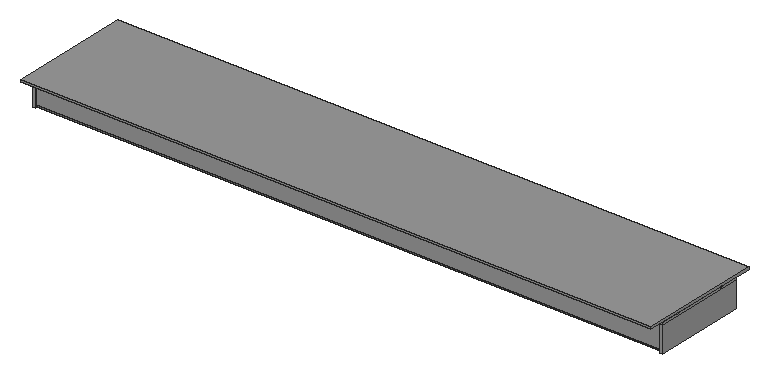
Revit family "Berica 2.2 M", category Lighting Fixtures, Revit 2020 (continued)
Definition of nested family "Light Source Berica 2.2"
  Types (4, lengths in mm): name | Photometric Web File | built-in parameter 1150142
      44.00 134.81 127.69 \r\n119.46 112.45 105.83 99.40 95.04 91.26 88.75 87.87 88.75 \r\n91.26 95.04 99.40 105.83 112.45 119.46 127.69 134.81 \r\n144.00 151.64 160.64 170.00 179.30 189.88 200.35 211.11 \r\n222.94 234.51 246.21 259.39 270.96 284.65 297.87 311.40 \r\n324.82 338.51 353.88 368.58 383.39 398.96 415.10 433.00 \r\n448.95 467.33 485.06 504.17 524.90 546.36 568.11 591.62 \r\n615.57 641.47 667.55 695.36 725.88 754.75 786.09 821.66 \r\n854.41 889.13 927.53 962.84 1001.72 1042.71 1078.86 \r\n1122.20 1157.97 1201.54 1236.95 1273.90 1312.03 1348.69 \r\n1383.55 1416.02 1450.01 1481.39 1513.12 1540.69 1570.18 \r\n1595.38 1619.69 1642.78 1665.38 1685.63 1704.07 1720.60 \r\n1734.06 1747.44 1757.90 1768.13 1774.83 1781.46 1787.34 \r\n1791.72 1795.25 1797.24 1798.85 1798.62 1796.12 \r\n1796.12 1797.82 1798.04 1796.44 1794.48 1789.90 1784.20 \r\n1778.01 1770.86 1760.68 1748.66 1735.06 1720.35 1702.42 \r\n1681.78 1659.40 1637.02 1610.20 1583.31 1552.29 1521.85 \r\n1490.60 1454.96 1421.53 1385.22 1346.51 1308.29 1271.37 \r\n1228.29 1188.31 1148.96 1108.98 1070.49 1026.11 988.44 \r\n952.34 912.02 876.83 842.95 807.58 777.79 744.32 717.45 \r\n690.24 663.65 639.46 616.89 594.24 573.10 553.61 534.94 \r\n517.41 498.83 482.33 467.09 451.22 436.68 421.55 406.81 \r\n393.50 379.27 366.41 352.11 339.28 326.72 314.55 300.69 \r\n289.50 276.35 264.57 252.97 240.80 230.27 219.80 209.72 \r\n200.39 191.06 182.51 173.64 165.36 158.07 150.66 143.20 \r\n136.33 130.36 123.78 118.84 114.56 111.82 109.32 108.73 \r\n109.32 111.82 114.56 118.84 123.78 130.36 136.33 143.20 \r\n150.66 158.07 165.36 173.64 182.51 191.06 200.39 209.72 \r\n219.80 230.27 240.80 252.97 264.57 276.35 289.50 300.69 \r\n314.55 326.72 339.28 352.11 366.41 379.27 393.50 406.81 \r\n421.55 436.68 451.22 467.09 482.33 498.83 517.41 534.94 \r\n553.61 573.10 594.24 616.89 639.46 663.65 690.24 717.45 \r\n744.32 777.79 807.58 842.95 876.83 912.02 952.34 988.44 \r\n1026.11 1070.49 1108.98 1148.96 1188.31 1228.29 1271.37 \r\n1308.29 1346.51 1385.22 1421.53 1454.96 1490.60 1521.85 \r\n1552.29 1583.31 1610.20 1637.02 1659.40 1681.78 1702.42 \r\n1720.35 1735.06 1748.66 1760.68 1770.86 1778.01 1784.20 \r\n1789.90 1794.48 1796.44 1798.04 1797.82 1796.12 \r\n1796.12 1798.30 1798.52 1797.44 1793.59 1789.14 1783.46 \r\n1775.60 1766.19 1752.48 1738.49 1722.19 1702.79 1681.23 \r\n1657.74 1631.53 1604.12 1574.01 1542.22 1509.27 1472.76 \r\n1436.51 1399.06 1356.45 1316.14 1274.62 1233.87 1188.74 \r\n1146.73 1102.93 1065.75 1022.42 983.89 945.14 906.12 \r\n869.02 834.65 800.54 769.95 742.24 713.35 687.32 662.17 \r\n640.49 618.23 598.41 579.15 561.41 545.02 528.31 513.09 \r\n497.69 483.84 469.31 455.73 441.99 429.39 416.25 404.26 \r\n390.90 378.43 366.37 353.49 341.21 329.41 317.65 306.43 \r\n293.58 282.61 270.77 260.06 249.96 240.06 230.89 221.32 \r\n213.16 203.82 196.16 188.34 180.47 173.73 165.85 159.81 \r\n153.48 147.87 142.92 138.45 135.07 131.62 129.70 128.71 \r\n129.70 131.62 135.07 138.45 142.92 147.87 153.48 159.81 \r\n165.85 173.73 180.47 188.34 196.16 203.82 213.16 221.32 \r\n230.89 240.06 249.96 260.06 270.77 282.61 293.58 306.43 \r\n317.65 329.41 341.21 353.49 366.37 378.43 390.90 404.26 \r\n416.25 429.39 441.99 455.73 469.31 483.84 497.69 513.09 \r\n528.31 545.02 561.41 579.15 598.41 618.23 640.49 662.17 \r\n687.32 713.35 742.24 769.95 800.54 834.65 869.02 906.12 \r\n945.14 983.89 1022.42 1065.75 1102.93 1146.73 1188.74 \r\n1233.87 1274.62 1316.14 1356.45 1399.06 1436.51 1472.76 \r\n1509.27 1542.22 1574.01 1604.12 1631.53 1657.74 1681.23 \r\n1702.79 1722.19 1738.49 1752.48 1766.19 1775.60 1783.46 \r\n1789.14 1793.59 1797.44 1798.52 1798.30 1796.12 \r\n1796.12 1798.52 1798.62 1796.07 1792.52 1787.80 1781.22 \r\n1770.85 1758.08 1743.63 1725.63 1704.63 1682.56 1656.89 \r\n1629.48 1600.00 1568.44 1532.35 1498.25 1460.37 1419.06 \r\n1377.20 1337.19 1292.71 1247.16 1202.81 1156.93 1115.68 \r\n1067.41 1026.24 986.00 945.16 907.06 869.96 834.71 801.99 \r\n770.10 739.84 713.56 686.84 664.16 643.63 622.93 603.50 \r\n585.39 568.46 553.50 539.52 525.13 511.10 497.59 485.57 \r\n473.19 460.00 448.80 436.74 425.12 414.02 402.60 390.72 \r\n379.41 366.97 355.51 344.07 331.95 321.93 310.11 299.70 \r\n289.50 279.42 269.73 261.06 252.37 243.43 234.89 226.35 \r\n219.09 210.06 203.30 196.02 189.27 182.44 176.05 170.50 \r\n165.48 160.99 156.94 153.91 150.54 148.16 146.96 148.16 \r\n150.54 153.91 156.94 160.99 165.48 170.50 176.05 182.44 \r\n189.27 196.02 203.30 210.06 219.09 226.35 234.89 243.43 \r\n252.37 261.06 269.73 279.42 289.50 299.70 310.11 321.93 \r\n331.95 344.07 355.51 366.97 379.41 390.72 402.60 414.02 \r\n425.12 436.74 448.80 460.00 473.19 485.57 497.59 511.10 \r\n525.13 539.52 553.50 568.46 585.39 603.50 622.93 643.63 \r\n664.16 686.84 713.56 739.84 770.10 801.99 834.71 869.96 \r\n907.06 945.16 986.00 1026.24 1067.41 1115.68 1156.93 \r\n1202.81 1247.16 1292.71 1337.19 1377.20 1419.06 1460.37 \r\n1498.25 1532.35 1568.44 1600.00 1629.48 1656.89 1682.56 \r\n1704.63 1725.63 1743.63 1758.08 1770.85 1781.22 1787.80 \r\n1792.52 1796.07 1798.62 1798.52 1796.12 \r\n1796.12 1798.68 1798.49 1796.12 1791.58 1785.80 1777.25 \r\n1765.04 1750.82 1731.74 1711.92 1688.04 1662.75 1634.86 \r\n1603.82 1569.27 1531.16 1495.61 1452.39 1412.18 1365.68 \r\n1323.95 1277.13 1229.21 1182.00 1135.14 1087.12 1042.50 \r\n998.90 955.10 919.43 878.25 844.39 807.00 776.72 746.44 \r\n718.80 692.96 669.98 647.95 628.72 610.11 593.14 576.71 \r\n562.55 547.41 534.77 522.72 511.08 499.87 487.84 477.10 \r\n465.95 456.08 444.96 434.66 424.53 414.12 402.41 392.48 \r\n380.65 370.02 358.78 348.14 338.08 326.51 317.36 307.63 \r\n299.26 290.27 281.60 273.00 264.97 256.43 249.04 241.22 \r\n234.16 226.41 219.67 212.20 205.51 199.06 193.01 188.29 \r\n182.94 179.06 175.26 171.39 167.91 165.65 163.98 165.65 \r\n167.91 171.39 175.26 179.06 182.94 188.29 193.01 199.06 \r\n205.51 212.20 219.67 226.41 234.16 241.22 249.04 256.43 \r\n264.97 273.00 281.60 290.27 299.26 307.63 317.36 326.51 \r\n338.08 348.14 358.78 370.02 380.65 392.48 402.41 414.12 \r\n424.53 434.66 444.96 456.08 465.95 477.10 487.84 499.87 \r\n511.08 522.72 534.77 547.41 562.55 576.71 593.14 610.11 \r\n628.72 647.95 669.98 692.96 718.80 746.44 776.72 807.00 \r\n844.39 878.25 919.43 955.10 998.90 1042.50 1087.12 \r\n1135.14 1182.00 1229.21 1277.13 1323.95 1365.68 1412.18 \r\n1452.39 1495.61 1531.16 1569.27 1603.82 1634.86 1662.75 \r\n1688.04 1711.92 1731.74 1750.82 1765.04 1777.25 1785.80 \r\n1791.58 1796.12 1798.49 1798.68 1796.12 \r\n1796.12 1798.50 1797.50 1795.05 1790.68 1783.73 1773.05 \r\n1759.93 1741.65 1721.22 1696.84 1672.12 1641.57 1611.40 \r\n1573.88 1537.04 1499.78 1453.16 1410.52 1363.46 1316.51 \r\n1265.09 1221.66 1169.58 1120.94 1073.65 1024.78 983.55 \r\n935.70 896.81 859.82 823.19 790.32 760.55 728.74 704.88 \r\n679.35 657.67 637.02 618.09 602.55 586.36 571.79 557.70 \r\n545.07 532.46 522.70 510.89 501.48 491.81 482.18 472.28 \r\n463.23 453.26 444.11 434.46 424.40 414.74 403.33 394.04 \r\n383.30 373.08 363.33 353.35 343.77 335.51 326.64 318.75 \r\n310.77 302.11 294.22 286.49 279.40 271.71 264.17 257.08 \r\n249.48 242.62 235.48 228.92 222.60 216.37 210.88 205.05 \r\n200.95 196.24 192.78 188.77 184.86 182.70 181.02 182.70 \r\n184.86 188.77 192.78 196.24 200.95 205.05 210.88 216.37 \r\n222.60 228.92 235.48 242.62 249.48 257.08 264.17 271.71 \r\n279.40 286.49 294.22 302.11 310.77 318.75 326.64 335.51 \r\n343.77 353.35 363.33 373.08 383.30 394.04 403.33 414.74 \r\n424.40 434.46 444.11 453.26 463.23 472.28 482.18 491.81 \r\n501.48 510.89 522.70 532.46 545.07 557.70 571.79 586.36 \r\n602.55 618.09 637.02 657.67 679.35 704.88 728.74 760.55 \r\n790.32 823.19 859.82 896.81 935.70 983.55 1024.78 1073.65 \r\n1120.94 1169.58 1221.66 1265.09 1316.51 1363.46 1410.52 \r\n1453.16 1499.78 1537.04 1573.88 1611.40 1641.57 1672.12 \r\n1696.84 1721.22 1741.65 1759.93 1773.05 1783.73 1790.68 \r\n1795.05 1797.50 1798.50 1796.12 \r\n1796.12 1798.75 1797.82 1794.63 1789.41 1781.33 1768.87 \r\n1752.38 1733.45 1710.43 1683.10 1654.65 1621.44 1587.07 \r\n1549.90 1505.59 1462.51 1415.22 1367.70 1317.23 1268.06 \r\n1217.30 1167.82 1116.88 1067.01 1017.31 971.21 927.80 \r\n884.65 844.75 811.73 780.38 749.17 719.81 694.60 671.63 \r\n649.04 631.43 612.26 596.98 581.74 567.59 555.63 543.17 \r\n533.32 522.48 512.97 504.29 496.71 488.29 479.07 470.50 \r\n462.07 453.53 444.97 435.22 426.52 416.86 407.41 398.18 \r\n387.93 378.90 369.16 361.44 353.85 346.26 338.10 330.98 \r\n323.34 316.09 308.07 301.00 293.98 286.67 280.12 272.69 \r\n266.76 259.17 252.73 246.56 240.04 234.56 228.89 224.21 \r\n218.91 214.77 210.01 205.77 201.75 198.94 197.90 198.94 \r\n201.75 205.77 210.01 214.77 218.91 224.21 228.89 234.56 \r\n240.04 246.56 252.73 259.17 266.76 272.69 280.12 286.67 \r\n293.98 301.00 308.07 316.09 323.34 330.98 338.10 346.26 \r\n353.85 361.44 369.16 378.90 387.93 398.18 407.41 416.86 \r\n426.52 435.22 444.97 453.53 462.07 470.50 479.07 488.29 \r\n496.71 504.29 512.97 522.48 533.32 543.17 555.63 567.59 \r\n581.74 596.98 612.26 631.43 649.04 671.63 694.60 719.81 \r\n749.17 780.38 811.73 844.75 884.65 927.80 971.21 1017.31 \r\n1067.01 1116.88 1167.82 1217.30 1268.06 1317.23 1367.70 \r\n1415.22 1462.51 1505.59 1549.90 1587.07 1621.44 1654.65 \r\n1683.10 1710.43 1733.45 1752.38 1768.87 1781.33 1789.41 \r\n1794.63 1797.82 1798.75 1796.12 \r\n1796.12 1798.78 1797.82 1793.45 1788.12 1779.17 1764.88 \r\n1748.56 1725.11 1700.81 1672.90 1638.12 1603.81 1564.64 \r\n1520.63 1476.91 1429.16 1382.58 1328.87 1277.99 1224.27 \r\n1174.10 1120.55 1068.60 1019.32 969.99 926.54 882.80 \r\n842.91 804.45 775.50 744.36 717.17 689.89 668.80 647.26 \r\n628.00 610.60 593.85 580.17 567.00 554.78 543.71 533.58 \r\n524.15 516.43 510.10 502.49 493.87 486.39 478.34 470.96 \r\n464.34 456.19 447.70 438.95 429.97 421.01 412.95 403.63 \r\n395.35 386.66 379.49 372.05 365.33 358.08 351.48 343.41 \r\n337.02 329.70 323.04 316.63 309.46 303.06 295.96 289.55 \r\n283.11 276.43 270.61 264.09 258.53 252.71 247.03 242.02 \r\n237.85 232.18 227.84 222.29 217.26 214.54 213.04 214.54 \r\n217.26 222.29 227.84 232.18 237.85 242.02 247.03 252.71 \r\n258.53 264.09 270.61 276.43 283.11 289.55 295.96 303.06 \r\n309.46 316.63 323.04 329.70 337.02 343.41 351.48 358.08 \r\n365.33 372.05 379.49 386.66 395.35 403.63 412.95 421.01 \r\n429.97 438.95 447.70 456.19 464.34 470.96 478.34 486.39 \r\n493.87 502.49 510.10 516.43 524.15 533.58 543.71 554.78 \r\n567.00 580.17 593.85 610.60 628.00 647.26 668.80 689.89 \r\n717.17 744.36 775.50 804.45 842.91 882.80 926.54 969.99 \r\n1019.32 1068.60 1120.55 1174.10 1224.27 1277.99 1328.87 \r\n1382.58 1429.16 1476.91 1520.63 1564.64 1603.81 1638.12 \r\n1672.90 1700.81 1725.11 1748.56 1764.88 1779.17 1788.12 \r\n1793.45 1797.82 1798.78 1796.12 \r\n1796.12 1798.78 1796.95 1792.71 1787.28 1776.14 1761.93 \r\n1740.17 1716.45 1689.47 1659.42 1625.45 1584.56 1543.84 \r\n1501.01 1449.02 1399.52 1348.15 1294.14 1240.58 1187.43 \r\n1130.57 1080.80 1028.28 979.52 932.65 886.97 846.71 \r\n808.32 774.45 745.76 716.83 691.45 668.39 645.89 627.81 \r\n609.85 594.79 580.39 567.35 555.36 544.83 535.62 526.66 \r\n520.03 514.40 507.29 500.33 493.38 486.59 480.56 474.44 \r\n467.40 459.43 451.15 443.86 435.65 427.39 419.09 411.34 \r\n404.25 396.76 391.15 383.73 377.44 371.03 364.17 358.14 \r\n351.49 344.77 337.92 331.52 324.86 319.11 312.50 306.15 \r\n300.06 293.02 287.06 281.10 275.57 269.67 264.21 259.01 \r\n254.26 248.52 243.89 236.07 231.25 228.13 227.04 228.13 \r\n231.25 236.07 243.89 248.52 254.26 259.01 264.21 269.67 \r\n275.57 281.10 287.06 293.02 300.06 306.15 312.50 319.11 \r\n324.86 331.52 337.92 344.77 351.49 358.14 364.17 371.03 \r\n377.44 383.73 391.15 396.76 404.25 411.34 419.09 427.39 \r\n435.65 443.86 451.15 459.43 467.40 474.44 480.56 486.59 \r\n493.38 500.33 507.29 514.40 520.03 526.66 535.62 544.83 \r\n555.36 567.35 580.39 594.79 609.85 627.81 645.89 668.39 \r\n691.45 716.83 745.76 774.45 808.32 846.71 886.97 932.65 \r\n979.52 1028.28 1080.80 1130.57 1187.43 1240.58 1294.14 \r\n1348.15 1399.52 1449.02 1501.01 1543.84 1584.56 1625.45 \r\n1659.42 1689.47 1716.45 1740.17 1761.93 1776.14 1787.28 \r\n1792.71 1796.95 1798.78 1796.12 \r\n1796.12 1798.64 1796.33 1792.50 1785.40 1774.49 1757.10 \r\n1736.34 1711.17 1681.07 1648.80 1611.73 1573.20 1527.15 \r\n1476.11 1427.36 1376.93 1319.33 1264.51 1210.75 1154.39 \r\n1098.40 1050.01 995.75 947.69 900.63 858.14 817.68 781.95 \r\n750.40 722.16 695.32 672.83 650.57 630.28 612.75 597.57 \r\n582.87 570.32 559.06 548.01 539.40 529.76 524.91 519.11 \r\n512.94 506.07 500.12 494.62 489.94 484.55 478.39 471.48 \r\n463.96 456.95 449.06 442.09 434.66 427.46 420.08 414.44 \r\n408.57 402.46 396.09 390.21 384.91 377.75 371.81 365.18 \r\n359.36 352.59 346.67 340.42 334.44 327.63 321.59 314.89 \r\n308.29 302.47 296.35 290.56 284.83 279.33 273.60 268.29 \r\n262.05 255.74 248.70 242.15 239.62 238.57 239.62 242.15 \r\n248.70 255.74 262.05 268.29 273.60 279.33 284.83 290.56 \r\n296.35 302.47 308.29 314.89 321.59 327.63 334.44 340.42 \r\n346.67 352.59 359.36 365.18 371.81 377.75 384.91 390.21 \r\n396.09 402.46 408.57 414.44 420.08 427.46 434.66 442.09 \r\n449.06 456.95 463.96 471.48 478.39 484.55 489.94 494.62 \r\n500.12 506.07 512.94 519.11 524.91 529.76 539.40 548.01 \r\n559.06 570.32 582.87 597.57 612.75 630.28 650.57 672.83 \r\n695.32 722.16 750.40 781.95 817.68 858.14 900.63 947.69 \r\n995.75 1050.01 1098.40 1154.39 1210.75 1264.51 1319.33 \r\n1376.93 1427.36 1476.11 1527.15 1573.20 1611.73 1648.80 \r\n1681.07 1711.17 1736.34 1757.10 1774.49 1785.40 1792.50 \r\n1796.33 1798.64 1796.12 \r\n1796.12 1798.04 1796.12 1791.54 1784.25 1772.41 1753.94 \r\n1732.43 1705.31 1673.22 1639.20 1598.98 1556.60 1511.60 \r\n1462.35 1410.23 1356.13 1296.63 1241.38 1183.34 1130.38 \r\n1074.13 1021.64 971.49 920.08 876.08 834.71 797.41 760.99 \r\n732.06 705.88 681.47 657.93 637.84 618.86 601.90 587.67 \r\n573.99 561.95 551.72 541.89 533.97 528.03 523.23 517.00 \r\n511.64 507.19 502.40 498.07 493.77 488.23 481.50 475.23 \r\n468.26 461.68 454.75 447.81 440.94 434.89 428.74 424.07 \r\n418.40 412.70 407.29 401.14 395.81 389.53 383.81 377.99 \r\n372.02 365.37 360.09 353.29 347.34 340.17 334.15 327.58 \r\n320.92 315.30 309.26 303.06 297.02 291.62 284.98 279.78 \r\n273.02 265.99 257.33 250.84 247.79 247.73 247.79 250.84 \r\n257.33 265.99 273.02 279.78 284.98 291.62 297.02 303.06 \r\n309.26 315.30 320.92 327.58 334.15 340.17 347.34 353.29 \r\n360.09 365.37 372.02 377.99 383.81 389.53 395.81 401.14 \r\n407.29 412.70 418.40 424.07 428.74 434.89 440.94 447.81 \r\n454.75 461.68 468.26 475.23 481.50 488.23 493.77 498.07 \r\n502.40 507.19 511.64 517.00 523.23 528.03 533.97 541.89 \r\n551.72 561.95 573.99 587.67 601.90 618.86 637.84 657.93 \r\n681.47 705.88 732.06 760.99 797.41 834.71 876.08 920.08 \r\n971.49 1021.64 1074.13 1130.38 1183.34 1241.38 1296.63 \r\n1356.13 1410.23 1462.35 1511.60 1556.60 1598.98 1639.20 \r\n1673.22 1705.31 1732.43 1753.94 1772.41 1784.25 1791.54 \r\n1796.12 1798.04 1796.12 \r\n1796.12 1797.93 1795.47 1791.21 1783.34 1771.19 1752.76 \r\n1728.79 1701.02 1668.91 1631.77 1593.26 1548.11 1499.75 \r\n1447.50 1394.85 1337.87 1285.17 1225.44 1165.48 1112.48 \r\n1053.44 1002.04 949.40 904.45 857.65 817.77 783.52 749.06 \r\n718.22 693.69 670.28 647.91 626.93 609.85 594.68 579.69 \r\n567.27 556.11 546.37 537.37 530.67 525.96 520.95 516.54 \r\n512.26 507.90 503.99 500.69 496.07 490.75 485.17 478.42 \r\n472.08 465.56 459.63 453.33 446.58 441.21 436.52 430.93 \r\n426.32 420.72 415.67 410.17 404.40 399.61 393.75 387.50 \r\n382.02 375.78 369.57 363.59 356.97 350.86 344.20 337.79 \r\n331.73 324.91 318.55 311.95 306.19 300.25 294.71 287.59 \r\n281.33 273.17 263.84 257.15 254.48 253.94 254.48 257.15 \r\n263.84 273.17 281.33 287.59 294.71 300.25 306.19 311.95 \r\n318.55 324.91 331.73 337.79 344.20 350.86 356.97 363.59 \r\n369.57 375.78 382.02 387.50 393.75 399.61 404.40 410.17 \r\n415.67 420.72 426.32 430.93 436.52 441.21 446.58 453.33 \r\n459.63 465.56 472.08 478.42 485.17 490.75 496.07 500.69 \r\n503.99 507.90 512.26 516.54 520.95 525.96 530.67 537.37 \r\n546.37 556.11 567.27 579.69 594.68 609.85 626.93 647.91 \r\n670.28 693.69 718.22 749.06 783.52 817.77 857.65 904.45 \r\n949.40 1002.04 1053.44 1112.48 1165.48 1225.44 1285.17 \r\n1337.87 1394.85 1447.50 1499.75 1548.11 1593.26 1631.77 \r\n1668.91 1701.02 1728.79 1752.76 1771.19 1783.34 1791.21 \r\n1795.47 1797.93 1796.12 \r\n1796.12 1797.56 1795.66 1790.23 1783.07 1768.79 1750.48 \r\n1725.56 1698.37 1665.61 1628.00 1584.13 1542.82 1493.72 \r\n1440.06 1384.99 1330.16 1273.93 1213.38 1156.26 1100.48 \r\n1040.88 9
